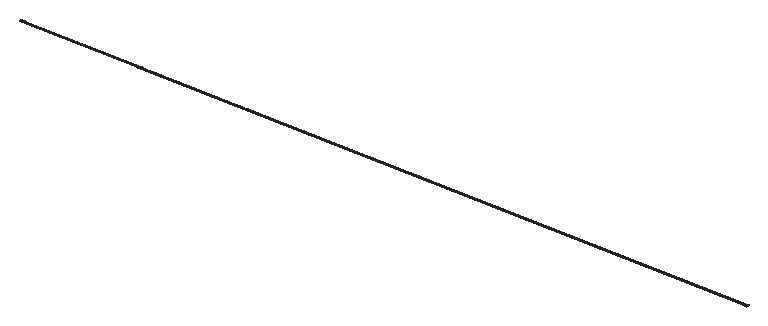
Revit family "Flex Pro IP65_0068171-74", category Lighting Fixtures, host Face, Revit 2017 (continued)
Automatic sketch dimensions
  Extrusion 94 sketch curve to Extrusion 94 sketch curve = 31.2 mm
  Extrusion 94 sketch curve to Extrusion 94 sketch curve = 0 mm  (x3)
  Extrusion 94 sketch curve to Extrusion 94 sketch curve = 3 mm  (x4)
  Extrusion 95 sketch curve to Extrusion 95 sketch curve = 2 mm  (x4)
  Extrusion 95 sketch curve to Extrusion 95 sketch curve = 14.6 mm  (x2)
  Extrusion 95 sketch curve to Extrusion 95 sketch curve = 31.2 mm
  Extrusion 95 sketch curve to Extrusion 95 sketch curve = 0 mm  (x3)
  Extrusion 95 sketch curve to Extrusion 95 sketch curve = 3 mm  (x4)
  Extrusion 96 sketch curve to Extrusion 96 sketch curve = 2 mm  (x4)
  Extrusion 96 sketch curve to Extrusion 96 sketch curve = 14.6 mm  (x2)
  Extrusion 96 sketch curve to Extrusion 96 sketch curve = 31.2 mm
  Extrusion 96 sketch curve to Extrusion 96 sketch curve = 0 mm  (x3)
  Extrusion 96 sketch curve to Extrusion 96 sketch curve = 3 mm  (x4)
  Extrusion 97 sketch curve to Extrusion 97 sketch curve = 2 mm  (x4)
  Extrusion 97 sketch curve to Extrusion 97 sketch curve = 14.6 mm  (x2)
  Extrusion 97 sketch curve to Extrusion 97 sketch curve = 31.2 mm
  Extrusion 97 sketch curve to Extrusion 97 sketch curve = 0 mm  (x3)
  Extrusion 97 sketch curve to Extrusion 97 sketch curve = 3 mm  (x4)
  Extrusion 98 sketch curve to Extrusion 98 sketch curve = 2 mm  (x4)
  Extrusion 98 sketch curve to Extrusion 98 sketch curve = 14.6 mm  (x2)
  Extrusion 98 sketch curve to Extrusion 98 sketch curve = 31.2 mm
  Extrusion 98 sketch curve to Extrusion 98 sketch curve = 0 mm  (x3)
  Extrusion 98 sketch curve to Extrusion 98 sketch curve = 3 mm  (x4)
  Extrusion 99 sketch curve to Extrusion 99 sketch curve = 2 mm  (x4)
  Extrusion 99 sketch curve to Extrusion 99 sketch curve = 14.6 mm  (x2)
  Extrusion 99 sketch curve to Extrusion 99 sketch curve = 31.2 mm
  Extrusion 99 sketch curve to Extrusion 99 sketch curve = 0 mm  (x3)
  Extrusion 99 sketch curve to Extrusion 99 sketch curve = 3 mm  (x4)
  Extrusion 100 sketch curve to Extrusion 100 sketch curve = 2 mm  (x4)
  Extrusion 100 sketch curve to Extrusion 100 sketch curve = 14.6 mm  (x2)
  Extrusion 100 sketch curve to Extrusion 100 sketch curve = 31.2 mm
  Extrusion 100 sketch curve to Extrusion 100 sketch curve = 0 mm  (x3)
  Extrusion 100 sketch curve to Extrusion 100 sketch curve = 3 mm  (x4)
  Extrusion 101 sketch curve to Extrusion 101 sketch curve = 2 mm  (x4)
  Extrusion 101 sketch curve to Extrusion 101 sketch curve = 14.6 mm  (x2)
  Extrusion 101 sketch curve to Extrusion 101 sketch curve = 31.2 mm
  Extrusion 101 sketch curve to Extrusion 101 sketch curve = 0 mm  (x3)
  Extrusion 101 sketch curve to Extrusion 101 sketch curve = 3 mm  (x4)
  Extrusion 102 sketch curve to Extrusion 102 sketch curve = 2 mm  (x4)
  Extrusion 102 sketch curve to Extrusion 102 sketch curve = 14.6 mm  (x2)
  Extrusion 102 sketch curve to Extrusion 102 sketch curve = 31.2 mm
  Extrusion 102 sketch curve to Extrusion 102 sketch curve = 0 mm  (x3)
  Extrusion 102 sketch curve to Extrusion 102 sketch curve = 3 mm  (x4)
  Extrusion 103 sketch curve to Extrusion 103 sketch curve = 2 mm  (x4)
  Extrusion 103 sketch curve to Extrusion 103 sketch curve = 14.6 mm  (x2)
  Extrusion 103 sketch curve to Extrusion 103 sketch curve = 31.2 mm
  Extrusion 103 sketch curve to Extrusion 103 sketch curve = 0 mm  (x3)
  Extrusion 103 sketch curve to Extrusion 103 sketch curve = 3 mm  (x4)
  Extrusion 104 sketch curve to Extrusion 104 sketch curve = 2 mm  (x4)
  Extrusion 104 sketch curve to Extrusion 104 sketch curve = 14.6 mm  (x2)
  Extrusion 104 sketch curve to Extrusion 104 sketch curve = 31.2 mm
  Extrusion 104 sketch curve to Extrusion 104 sketch curve = 0 mm  (x3)
  Extrusion 104 sketch curve to Extrusion 104 sketch curve = 3 mm  (x4)
  Extrusion 105 sketch curve to Extrusion 105 sketch curve = 2 mm  (x4)
  Extrusion 105 sketch curve to Extrusion 105 sketch curve = 14.6 mm  (x2)
  Extrusion 105 sketch curve to Extrusion 105 sketch curve = 31.2 mm
  Extrusion 105 sketch curve to Extrusion 105 sketch curve = 0 mm  (x3)
  Extrusion 105 sketch curve to Extrusion 105 sketch curve = 3 mm  (x4)
  Extrusion 106 sketch curve to Extrusion 106 sketch curve = 2 mm  (x4)
  Extrusion 106 sketch curve to Extrusion 106 sketch curve = 14.6 mm  (x2)
  Extrusion 106 sketch curve to Extrusion 106 sketch curve = 31.2 mm
  Extrusion 106 sketch curve to Extrusion 106 sketch curve = 0 mm  (x3)
  Extrusion 106 sketch curve to Extrusion 106 sketch curve = 3 mm  (x4)
  Extrusion 107 sketch curve to Extrusion 107 sketch curve = 2 mm  (x4)
  Extrusion 107 sketch curve to Extrusion 107 sketch curve = 14.6 mm  (x2)
  Extrusion 107 sketch curve to Extrusion 107 sketch curve = 31.2 mm
  Extrusion 107 sketch curve to Extrusion 107 sketch curve = 0 mm  (x3)
  Extrusion 107 sketch curve to Extrusion 107 sketch curve = 3 mm  (x4)
  Extrusion 108 sketch curve to Extrusion 108 sketch curve = 2 mm  (x4)
  Extrusion 108 sketch curve to Extrusion 108 sketch curve = 14.6 mm  (x2)
  Extrusion 108 sketch curve to Extrusion 108 sketch curve = 31.2 mm
  Extrusion 108 sketch curve to Extrusion 108 sketch curve = 0 mm  (x3)
  Extrusion 108 sketch curve to Extrusion 108 sketch curve = 3 mm  (x4)
  Extrusion 109 sketch curve to Extrusion 109 sketch curve = 2 mm  (x4)
  Extrusion 109 sketch curve to Extrusion 109 sketch curve = 14.6 mm  (x2)
  Extrusion 109 sketch curve to Extrusion 109 sketch curve = 31.2 mm
  Extrusion 109 sketch curve to Extrusion 109 sketch curve = 0 mm  (x3)
  Extrusion 109 sketch curve to Extrusion 109 sketch curve = 3 mm  (x4)
  radius of Sweep 3 sketch curve = 1.353 mm
  radius of Sweep 2 sketch curve = 1.399 mm
Connectors
  electrical at (-230, 0, 0), driven by "Apparent Load", driven by "PowerFactor", driven by "Voltage"
    settings: index 1, voltage 0 V, apparent load 24 VA, apparent load phase1 0 VA, apparent load phase2 0 VA, apparent load phase3 0 VA, power factor 0, load classification "Lighting", number of poles 1, system type 30, power factor state 1, is connector primary yes, connector utility no, sub classification motor no, connector description ""
Types (4, lengths in mm): name | TypeName | built-in parameter 1150134 | Photometric Web File | Name | ModelReference | ModelNumber | Model | LuminousEfficacy | built-in parameter 1150105 | Lumens | LampNominalLuminous | LampColourTemperature | built-in parameter 1150107 | built-in parameter 1150106 | built-in parameter 1150104 | DocumentationLiterature
  0068171 FLEX PRO IP65 2100LM 927 | "Flex Pro IP65 2100lm 927" | (empty or 0) | "0068171.ies" | "Flex Pro IP65 2100lm 927" | "Flex Pro IP65 2100lm 927" | "0068171" | "Flex Pro IP65 2100lm 927" | "88 lm/W" | 168.07 (stored number, unit not read) | 2112 lm | "2100 lm" | "2700 K" | 2700 (stored number, unit not read) | 1.6807 (stored number, unit not read) | 8.1755 (stored number, unit not read) | "http://www.sylvania-lighting.com/product/en-int/products/0068171"
  0068173 FLEX PRO IP65 2300LM 940 | "Flex Pro IP65 2300lm 940" | 12 | "0068173.ies" | "Flex Pro IP65 2300lm 940" | "Flex Pro IP65 2300lm 940" | "0068173" | "Flex Pro IP65 2300lm 940" | "96 lm/W" | 183.35 (stored number, unit not read) | 2304 lm | "2300 lm" | "4000 K" | 4000 (stored number, unit not read) | 1.8335 (stored number, unit not read) | 8.9187 (stored number, unit not read) | "http://www.sylvania-lighting.com/product/en-int/products/0068173"
  0068172 FLEX PRO IP65 2250LM 930 | "Flex Pro IP65 2250lm 930" | (empty or 0) | "0068172.ies" | "Flex Pro IP65 2250lm 930" | "Flex Pro IP65 2250lm 930" | "0068172" | "Flex Pro IP65 2250lm 930" | "94 lm/W" | 179.53 (stored number, unit not read) | 2256 lm | "2250 lm" | "3000 K" | 3000 (stored number, unit not read) | 1.7953 (stored number, unit not read) | 8.7329 (stored number, unit not read) | "http://www.sylvania-lighting.com/product/en-int/products/0068172"
  0068174 FLEX PRO IP65 2300LM 965 | "Flex Pro IP65 2300lm 965" | 1 | "0068174.ies" | "Flex Pro IP65 2300lm 965" | "Flex Pro IP65 2300lm 965" | "0068174" | "Flex Pro IP65 2300lm 965" | "96 lm/W" | 183.35 (stored number, unit not read) | 2304 lm | "2300 lm" | "6500 K" | 6500 (stored number, unit not read) | 1.8335 (stored number, unit not read) | 8.9187 (stored number, unit not read) | "http://www.sylvania-lighting.com/product/en-int/products/0068174"
